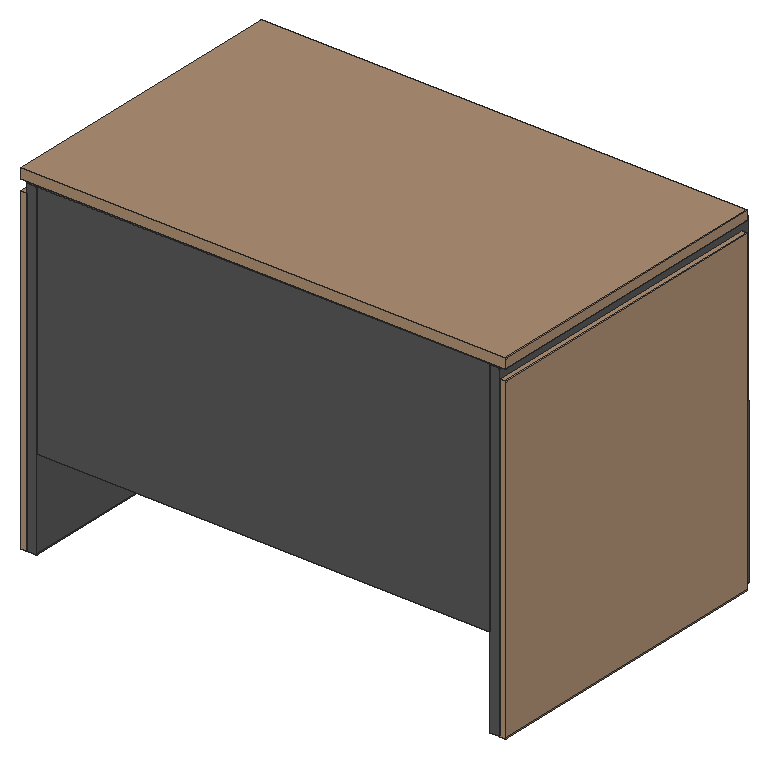
Revit family "Sanitary_Compound-Units_hansgrohe_54265XXX-Xilesa-E-Vanity-unit_780-550_1-drawer_wash-bowl-countertop-basin", category Furniture, host Face, Revit 2022
Family settings
  Host = Face
  OmniClass Number = 23.21.19.15.33.13
  OmniClass Title = Residential Bathroom Specialty Casework
  Cut with Voids When Loaded = No
  Render Appearance Source = Family Geometry
  Shared = No
  Room Calculation Point = No
Parameters (values of type "550 Cashmere Oak")
  Version = 1  # constant formula
  URL = "https://www.hansgrohe.com/"
  Product data url = "https://www.bimobject.com/en/hansgrohe/product/54265XXX"
  Product Page URL = "https://www.hansgrohe.com/articledetail--54265550"
  Model = "54265XXX"  # constant formula
  Material 3 = Hansgrohe - Metal - Black
  Material 2 = Hansgrohe - MDF - Matt Black
  Material 1 = Hansgrohe - MDF - 550 Cashmere Oak
  Manufacturer = "Hansgrohe"  # constant formula
  Height = 0 mm
  Description = "Xilesa E Vanity unit 780/550 with 1 drawer for consoles for wash bowl/counterstop basin ground"  # constant formula
  Default Elevation = 0 mm
  Date Updated = ""
  Date Created = "2024/02/03"  # constant formula
Types (5, lengths in mm): name | Material 1
  (no name) | Hansgrohe - MDF - 550 Cashmere Oak
  550 Cashmere Oak | Hansgrohe - MDF - 550 Cashmere Oak
  700 Matt White | Hansgrohe - MDF - 700 Matt White
  760 Slate Matt Grey | Hansgrohe - MDF - 760 Slate Matt Grey
  780 Sand Matt Beige | Hansgrohe - MDF - 780 Sand Matt Beige
Reference planes
  plane 1 "Center (Front/Back)": y = 0
  plane 2: z = 0
  plane 3 "Center (Left/Right)": x = 0
  plane 4: x = -390
  plane 5: x = 390
  plane 6: y = -500
  plane 7: z = 548
Dimensions and locks
  aligned and locked: plane 2 to host face
  aligned and locked: level to host face
Nested families
  nested 1: "54265XXX" at (0, -500, 0) x (1, 0, 0) z (0, 1, 0), Material 1 <- "Material 1", Material 2 <- "Material 2", Material 3 <- "Material 3", type "54265XXX"
    with Material 3 Hansgrohe - Metal - Black, Material 2 Hansgrohe - MDF - Matt Black, Material 1 Hansgrohe - MDF - 550 Cashmere Oak
Definition of nested family "54265XXX"
  Parameters (values of type "54265XXX")
    Version = 1  # constant formula
    URL = "https://www.hansgrohe.com/"
    Product data url = "https://www.bimobject.com/en/hansgrohe/product/54265XXX"
    Product Page URL = "https://www.hansgrohe.com/articledetail--54265550"
    Model = "54265XXX"  # constant formula
    Material 3 [instance] = none
    Material 2 [instance] = none
    Material 1 [instance] = none
    Manufacturer = "Hansgrohe"  # constant formula
    Description = "Xilesa E Vanity unit 780/550 with 1 drawer for consoles for wash bowl/counterstop basin ground"  # constant formula
    Default Elevation = 1219.2 mm
    Date Updated = ""
    Date Created = "2024/12/16"  # constant formula
  Reference planes
    plane 1 "Center (Front/Back)": y = 0
    plane 2: z = 0
    plane 3 "Center (Left/Right)": x = 0
  Forms (mm)
    Extrusion 1, solid, material <- "Material 1", detail levels medium+fine
      sketch origin (0, 0, 0) x (1, 0, 0) y (0, 1, 0)
        loop
          line (-380.6, 0) -> (-389.2, 0)
          arc (-389.2, 0) -> (-389.766, -0.234) -> (-390, -0.8) r 0.8
          line (-390, -0.8) -> (-390, -513.9)
          arc (-390, -513.9) -> (-389.766, -514.466) -> (-389.2, -514.7) r 0.8
          line (-389.2, -514.7) -> (-380.6, -514.7)
          arc (-380.6, -514.7) -> (-380.034, -514.466) -> (-379.8, -513.9) r 0.8
          line (-379.8, -513.9) -> (-379.8, -0.8)
          arc (-379.8, -0.8) -> (-380.034, -0.234) -> (-380.6, 0) r 0.8
        loop
          arc (380.6, 0) -> (380.034, -0.234) -> (379.8, -0.8) r 0.8
          line (379.8, -0.8) -> (379.8, -513.9)
          arc (379.8, -513.9) -> (380.034, -514.466) -> (380.6, -514.7) r 0.8
          line (380.6, -514.7) -> (389.2, -514.7)
          arc (389.2, -514.7) -> (389.766, -514.466) -> (390, -513.9) r 0.8
          line (390, -513.9) -> (390, -0.8)
          arc (390, -0.8) -> (389.766, -0.234) -> (389.2, 0) r 0.8
          line (389.2, 0) -> (380.6, 0)
      from 0 to 485
    Extrusion 2, solid, material <- "Material 1", detail levels medium+fine
      sketch origin (0, -90, 0) x (1, 0, 0) y (0, 1, 0)
        loop
          line (-389.2, -458) -> (389.2, -458)
          arc (389.2, -458) -> (389.766, -457.766) -> (390, -457.2) r 0.8
          line (390, -457.2) -> (390, -442.5)
          arc (390, -442.5) -> (389.766, -441.934) -> (389.2, -441.7) r 0.8
          line (389.2, -441.7) -> (-389.2, -441.7)
          arc (-389.2, -441.7) -> (-389.766, -441.934) -> (-390, -442.5) r 0.8
          line (-390, -442.5) -> (-390, -457.2)
          arc (-390, -457.2) -> (-389.766, -457.766) -> (-389.2, -458) r 0.8
      from 0 to 485
    Extrusion 3, solid, material <- "Material 2", detail levels medium+fine
      sketch origin (0, 0, 0) x (1, 0, 0) y (0, 1, 0)
        loop
          line (-379.8, -0.8) -> (-379.8, -528.9)
          arc (-379.8, -528.9) -> (-379.566, -529.466) -> (-379, -529.7) r 0.8
          line (-379, -529.7) -> (-364.6, -529.7)
          arc (-364.6, -529.7) -> (-364.034, -529.466) -> (-363.8, -528.9) r 0.8
          line (-363.8, -528.9) -> (-363.8, -0.8)
          arc (-363.8, -0.8) -> (-364.034, -0.234) -> (-364.6, 0) r 0.8
          line (-364.6, 0) -> (-379, 0)
          arc (-379, 0) -> (-379.566, -0.234) -> (-379.8, -0.8) r 0.8
        loop
          arc (379.8, -0.8) -> (379.566, -0.234) -> (379, 0) r 0.8
          line (379, 0) -> (364.6, 0)
          arc (364.6, 0) -> (364.034, -0.234) -> (363.8, -0.8) r 0.8
          line (363.8, -0.8) -> (363.8, -528.9)
          arc (363.8, -528.9) -> (364.034, -529.466) -> (364.6, -529.7) r 0.8
          line (364.6, -529.7) -> (379, -529.7)
          arc (379, -529.7) -> (379.566, -529.466) -> (379.8, -528.9) r 0.8
          line (379.8, -528.9) -> (379.8, -0.8)
      from 0 to 500
    Extrusion 4, solid, material <- "Material 2", detail levels fine
      sketch origin (0, -80, 0) x (1, 0, 0) y (0, 1, 0)
        loop
          line (-363.8, -65.2) -> (-363.8, -81.2) -> (363.8, -81.2) -> (363.8, -65.2) -> (-363.8, -65.2)
      from 17 to 125
    Extrusion 5, solid, material <- "Material 2", detail levels fine
      sketch origin (0, -80, 0) x (1, 0, 0) y (0, 1, 0)
        loop
          line (-363.8, -64.7) -> (-363.8, -449.7) -> (363.8, -449.7) -> (363.8, -64.7) -> (-363.8, -64.7)
      from 1 to 17
    Extrusion 6, solid, material <- "Material 3", detail levels fine
      sketch origin (0, -170, 0) x (1, 0, 0) y (0, 1, 0)
        loop
          line (-362.3, -356.9) -> (-362.3, -329.2) -> (-363.8, -329.2) -> (-363.8, -356.9)
          arc (-363.8, -356.9) -> (-363.126, -358.527) -> (-361.5, -359.2) r 2.3
          line (-361.5, -359.2) -> (361.5, -359.2)
          arc (361.5, -359.2) -> (363.126, -358.527) -> (363.8, -356.9) r 2.3
          line (363.8, -356.9) -> (363.8, -329.2) -> (362.3, -329.2) -> (362.3, -356.9)
          arc (362.3, -356.9) -> (362.066, -357.466) -> (361.5, -357.7) r 0.8
          line (361.5, -357.7) -> (-361.5, -357.7)
          arc (-361.5, -357.7) -> (-362.066, -357.466) -> (-362.3, -356.9) r 0.8
      from 447.263 to 497.263
    Extrusion 7, solid, material <- "Material 2", detail levels fine
      sketch origin (0, -80, 1) x (1, 0, 0) y (0, 0, 1)
        loop
          line (-322.898, 33.98) -> (322.898, 33.98) -> (322.898, 48.98) -> (-322.898, 48.98) -> (-322.898, 33.98)
      from 109.4 to 451.7
    Extrusion 8, solid, material <- "Material 3", detail levels fine
      sketch origin (150, -80, 1) x (1, 0, 0) y (0, 0, 1)
        loop
          line (198.3, 213.03) -> (198.3, 231.03) -> (183.3, 231.03) -> (183.3, 224.03) -> (192.95, 224.03) -> (192.95, 213.03) -> (198.3, 213.03)
      from 88.7 to 362.7
    Extrusion 9, solid, material <- "Material 3", detail levels fine
      sketch origin (150, -80, 1) x (1, 0, 0) y (0, 0, 1)
        loop
          line (200.05, 211.28) -> (200.05, 232.78) -> (181.55, 232.78) -> (181.55, 211.28) -> (200.05, 211.28)
      from 451.7 to 362.7
    Extrusion 10, solid, material <- "Material 3", detail levels fine
      sketch origin (-50, -80, 1) x (1, 0, 0) y (0, 0, 1)
        loop
          line (-292.5, 223.8) -> (-292.5, 113.608) -> (-298.2, 97.947) -> (-298.2, 48) -> (-269.9, 48) -> (-269.9, 223.8) -> (-292.5, 223.8)
        loop
          line (392.5, 223.8) -> (369.9, 223.8) -> (369.9, 48) -> (398.2, 48) -> (398.2, 97.947) -> (392.5, 113.608) -> (392.5, 223.8)
      from 91.9 to 109.4
    Extrusion 11, void
      sketch origin (-50, -80, 1) x (1, 0, 0) y (0, 0, 1)
        loop
          line (-291.5, 222.8) -> (-291.5, 113.431) -> (-297.2, 97.771) -> (-297.2, 49) -> (-270.9, 49) -> (-270.9, 222.8) -> (-291.5, 222.8)
        loop
          line (391.5, 222.8) -> (370.9, 222.8) -> (370.9, 49) -> (397.2, 49) -> (397.2, 97.771) -> (391.5, 113.431) -> (391.5, 222.8)
      from 91.9 to 108.7
    Extrusion 12, solid, material <- "Material 2", detail levels fine
      sketch origin (0, -80, 1) x (0, 1, 0) y (0, 0, 1)
        loop
          line (-92.7, 32.5) -> (-92.7, 113.5)
          arc (-92.7, 113.5) -> (-92.847, 113.854) -> (-93.2, 114) r 0.5
          line (-93.2, 114) -> (-108.2, 114)
          arc (-108.2, 114) -> (-108.554, 113.854) -> (-108.7, 113.5) r 0.5
          line (-108.7, 113.5) -> (-108.7, 32.5)
          arc (-108.7, 32.5) -> (-108.554, 32.146) -> (-108.2, 32) r 0.5
          line (-108.2, 32) -> (-93.2, 32)
          arc (-93.2, 32) -> (-92.847, 32.146) -> (-92.7, 32.5) r 0.5
      from -320 to 320
    Extrusion 13, solid, material <- "Material 3", detail levels fine
      sketch origin (-150, -80, 1) x (-1, 0, 0) y (0, 0, -1)
        loop
          line (198.3, -213.03) -> (192.95, -213.03) -> (192.95, -224.03) -> (183.3, -224.03) -> (183.3, -231.03) -> (198.3, -231.03) -> (198.3, -213.03)
      from 88.7 to 362.7
    Extrusion 14, solid, material <- "Material 3", detail levels fine
      sketch origin (-150, -80, 1) x (-1, 0, 0) y (0, 0, -1)
        loop
          line (200.05, -211.28) -> (181.55, -211.28) -> (181.55, -232.78) -> (200.05, -232.78) -> (200.05, -211.28)
      from 451.7 to 362.7
    Extrusion 15, solid, material <- "Material 1", detail levels coarse
      sketch origin (0, 0, 0) x (1, 0, 0) y (0, 1, 0)
        loop
          line (-390, -547.999) -> (390, -547.999) -> (390, 0) -> (363.8, 0) -> (363.8, -531.699) -> (-363.8, -531.699) -> (-363.8, 0) -> (-390, 0) -> (-390, -547.999)
      from 0 to 500
    Extrusion 16, solid, material <- "Material 3", detail levels fine
      sketch origin (0, -80, 1) x (1, 0, 0) y (0, 0, 1)
        loop
          line (352.091, 33.98) -> (352.091, 115.48) -> (333.591, 115.48) -> (332.786, 100.114) -> (330.22, 99.98) -> (327.791, 53.623)
          arc (327.791, 53.623) -> (326.271, 50.325) -> (322.898, 48.98) r 4.9
          line (322.898, 48.98) -> (322.898, 33.98) -> (352.091, 33.98)
        loop
          line (-352.091, 33.98) -> (-322.898, 33.98) -> (-322.898, 48.98)
          arc (-322.898, 48.98) -> (-326.271, 50.325) -> (-327.791, 53.623) r 4.9
          line (-327.791, 53.623) -> (-330.22, 99.98) -> (-332.786, 100.114) -> (-333.591, 115.48) -> (-352.091, 115.48) -> (-352.091, 33.98)
      from 109.4 to 451.7
  Cuts and joins
    Extrusion 11 cuts Extrusion 10
  Lines and regions (mm)
    Masking region 1
      outline origin (0, 0, 0) x (1, 0, 0) y (0, 1, 0)
        loop
          arc (390, -0.8) -> (389.766, -0.234) -> (389.2, 0) r 0.8
          line (389.2, 0) -> (380.6, 0)
          arc (380.6, 0) -> (380.034, -0.234) -> (379.8, -0.8) r 0.8
          arc (379.8, -0.8) -> (379.566, -0.234) -> (379, 0) r 0.8
          line (379, 0) -> (364.6, 0)
          arc (364.6, 0) -> (364.034, -0.234) -> (363.8, -0.8) r 0.8
          line (363.8, -0.8) -> (363.8, -145.2) -> (-363.8, -145.2) -> (-363.8, -0.8)
          arc (-363.8, -0.8) -> (-364.034, -0.234) -> (-364.6, 0) r 0.8
          line (-364.6, 0) -> (-379, 0)
          arc (-379, 0) -> (-379.566, -0.234) -> (-379.8, -0.8) r 0.8
          arc (-379.8, -0.8) -> (-380.034, -0.234) -> (-380.6, 0) r 0.8
          line (-380.6, 0) -> (-389.2, 0)
          arc (-389.2, 0) -> (-389.766, -0.234) -> (-390, -0.8) r 0.8
          line (-390, -0.8) -> (-390, -513.9)
          arc (-390, -513.9) -> (-389.766, -514.466) -> (-389.2, -514.7) r 0.8
          line (-389.2, -514.7) -> (-380.6, -514.7)
          arc (-380.6, -514.7) -> (-380.034, -514.466) -> (-379.8, -513.9) r 0.8
          line (-379.8, -513.9) -> (-379.8, -531.7) -> (-389.2, -531.7)
          arc (-389.2, -531.7) -> (-389.766, -531.934) -> (-390, -532.5) r 0.8
          line (-390, -532.5) -> (-390, -547.2)
          arc (-390, -547.2) -> (-389.766, -547.766) -> (-389.2, -548) r 0.8
          line (-389.2, -548) -> (0, -548) -> (389.2, -548)
          arc (389.2, -548) -> (389.766, -547.766) -> (390, -547.2) r 0.8
          line (390, -547.2) -> (390, -532.5)
          arc (390, -532.5) -> (389.766, -531.934) -> (389.2, -531.7) r 0.8
          line (389.2, -531.7) -> (379.8, -531.7) -> (379.8, -513.9)
          arc (379.8, -513.9) -> (380.034, -514.466) -> (380.6, -514.7) r 0.8
          line (380.6, -514.7) -> (389.2, -514.7)
          arc (389.2, -514.7) -> (389.766, -514.466) -> (390, -513.9) r 0.8
          line (390, -513.9) -> (390, -0.8)
    Masking region 2
      outline origin (0, 0, 0) x (0, 1, 0) y (0, 0, 1)
        loop
          line (-529.7, 500) -> (-529.7, 233.78) -> (-531.7, 233.78) -> (-531.7, 485) -> (-548, 485) -> (-548, 0) -> (-531.7, 0) -> (-531.7, 34.98) -> (-529.7, 34.98) -> (-529.7, 0) -> (0, 0) -> (0, 500) -> (-529.7, 500)
    Masking region 3
      outline origin (0, 0, 0) x (1, 0, 0) y (0, 0, 1)
        loop
          line (-390, 485) -> (-390, 0) -> (50, 0) -> (390, 0) -> (390, 485) -> (379.8, 485) -> (379.8, 500) -> (50, 500) -> (-379.8, 500) -> (-379.8, 485) -> (-390, 485)
    symbolic lines, detail levels medium+fine
      curve 1: line (379.8, -531.7, 0) -> (0, -531.7, 0)
      curve 2: line (363.8, -145.2, 0) -> (363.8, -531.7, 0)
      curve 3: line (379.8, -0.8, 0) -> (379.8, -513.9, 0)
      curve 4: line (363.8, -161.2, 0) -> (270, -161.2, 0)
      curve 22: line (0, -531.699, 34.98) -> (0, -531.699, 233.78)
      curve 23: line (0, -529.699, 233.78) -> (0, -529.699, 34.98)
      curve 26: line (0, -531.699, 211.28) -> (0, -529.699, 211.28)
      curve 27: line (0, -531.699, 116.48) -> (0, -529.699, 116.48)
      curve 28: line (-379.8, 0, 485) -> (379.8, 0, 485)
      curve 29: line (-363.8, 0, 500) -> (-363.8, 0, 485)
      curve 30: line (363.8, 0, 500) -> (363.8, 0, 485)
      curve 32: line (270, -161.2, 0) -> (0, -161.2, 0)
      curve 35: line (363.8, -108.499, 0) -> (363.8, -131.499, 0)
      curve 37: line (-379.8, -531.7, 0) -> (0, -531.7, 0)
      curve 38: line (-363.8, -145.2, 0) -> (-363.8, -531.7, 0)
      curve 39: line (-379.8, -0.8, 0) -> (-379.8, -513.9, 0)
      curve 40: line (-363.8, -161.2, 0) -> (-220, -161.2, 0)
      curve 59: line (-220, -161.2, 0) -> (0, -161.2, 0)
      curve 62: line (-363.8, -108.499, 0) -> (-363.8, -131.499, 0)
    symbolic lines, detail levels fine
      curve 5: line (352.091, -161.2, 0) -> (352.091, -461.199, 0)
      curve 6: line (330.22, -161.2, 0) -> (330.22, -171.9, 0)
      curve 7: line (0, -171.9, 0) -> (270, -171.9, 0)
      curve 8: line (333.3, -189.4, 0) -> (270, -189.4, 0)
      curve 9: line (348.3, -168.7, 0) -> (348.3, -527.7, 0)
      curve 10: line (333.3, -168.7, 0) -> (348.3, -168.7, 0)
      curve 11: line (0, -527.7, 0) -> (361.5, -527.7, 0)
      curve 12: arc (361.5, -527.7, 0) -> (362.066, -527.466, 0) -> (362.3, -526.9, 0) r 0.8
      curve 13: line (362.3, -526.9, 0) -> (362.3, -499.2, 0)
      curve 14: line (362.3, -499.2, 0) -> (363.8, -499.2, 0)
      curve 15: arc (363.8, -526.9, 0) -> (363.126, -528.527, 0) -> (361.5, -529.2, 0) r 2.3
      curve 16: line (361.5, -529.2, 0) -> (0, -529.2, 0)
      curve 17: line (352.091, -529.2, 0) -> (352.091, -531.7, 0)
      curve 18: line (350.05, -529.2, 0) -> (350.05, -531.7, 0)
      curve 19: line (333.3, -527.7, 0) -> (333.3, -168.7, 0)
      curve 20: line (331.55, -529.2, 0) -> (331.55, -531.7, 0)
      curve 21: line (330.22, -529.2, 0) -> (330.22, -531.7, 0)
      curve 24: line (0, 0, 485) -> (0, -514.699, 485)
      curve 25: line (0, -514.699, 485) -> (0, -514.699, 0)
      curve 31: line (330.22, -189.4, 0) -> (330.22, -527.7, 0)
      curve 33: line (270, -171.9, 0) -> (333.3, -171.9, 0)
      curve 34: line (270, -189.4, 0) -> (0, -189.4, 0)
      curve 36: line (352.091, -461.199, 0) -> (352.091, -527.7, 0)
      curve 41: line (-352.091, -161.2, 0) -> (-352.091, -461.199, 0)
      curve 42: line (-330.22, -161.2, 0) -> (-330.22, -171.9, 0)
      curve 43: line (0, -171.9, 0) -> (-220, -171.9, 0)
      curve 44: line (-333.3, -189.4, 0) -> (-220, -189.4, 0)
      curve 45: line (-348.3, -168.7, 0) -> (-348.3, -527.7, 0)
      curve 46: line (-333.3, -168.7, 0) -> (-348.3, -168.7, 0)
      curve 47: line (0, -527.7, 0) -> (-361.5, -527.7, 0)
      curve 48: arc (-361.5, -527.7, 0) -> (-362.066, -527.466, 0) -> (-362.3, -526.9, 0) r 0.8
      curve 49: line (-362.3, -526.9, 0) -> (-362.3, -499.2, 0)
      curve 50: line (-362.3, -499.2, 0) -> (-363.8, -499.2, 0)
      curve 51: arc (-363.8, -526.9, 0) -> (-363.126, -528.527, 0) -> (-361.5, -529.2, 0) r 2.3
      curve 52: line (-361.5, -529.2, 0) -> (0, -529.2, 0)
      curve 53: line (-352.091, -529.2, 0) -> (-352.091, -531.7, 0)
      curve 54: line (-350.05, -529.2, 0) -> (-350.05, -531.7, 0)
      curve 55: line (-333.3, -527.7, 0) -> (-333.3, -168.7, 0)
      curve 56: line (-331.55, -529.2, 0) -> (-331.55, -531.7, 0)
      curve 57: line (-330.22, -529.2, 0) -> (-330.22, -531.7, 0)
      curve 58: line (-330.22, -189.4, 0) -> (-330.22, -527.7, 0)
      curve 60: line (-220, -171.9, 0) -> (-333.3, -171.9, 0)
      curve 61: line (-220, -189.4, 0) -> (0, -189.4, 0)
      curve 63: line (-352.091, -461.199, 0) -> (-352.091, -527.7, 0)
  Dimensions and locks
    aligned and locked: level to plane 2
